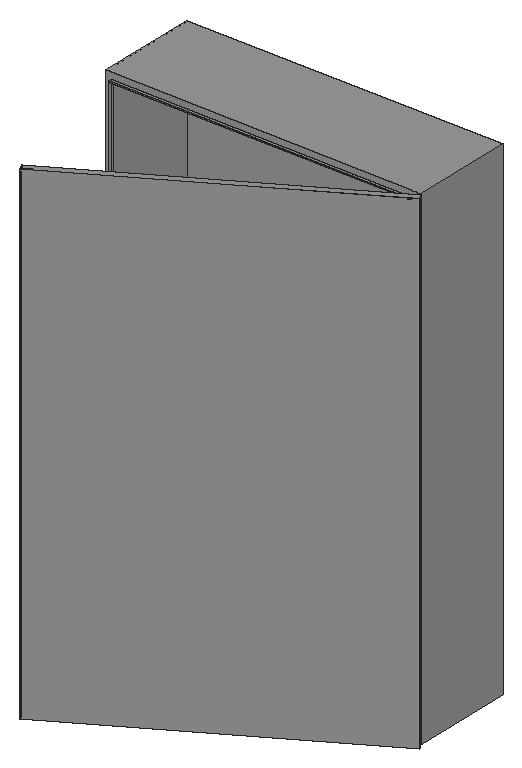
Revit family "Hager-Univers-IP55-D275-H1250-Cl.II-Steel_encl-NoHosted-BE-en", category Equipement électrique, Revit 2020
Family settings
  Configuration du panneau = Deux colonnes, circuits au sein
  Cote de connecteur circulaire = Utiliser le diamètre
  Type d'élément = Tableau de raccordement
  Basée sur le plan de construction = Oui
  Toujours verticalement = Oui
  Couper avec des vides une fois chargée = Non
  Partagée = Non
  Point de calcul de pièce = Non
Parameters (values of type "Surface mounted (plaster) IP55 W800 H1250 D275  - FR83S")
  Width Control [instance] = if([EF000008 - Width] > Min Width, [EF000008 - Width], Min Width)  # 800 mm
  Commentaires du type = [HG000003 - Range]  # "Univers"
  Thickness Door [instance] = if([EF009171 - Material plate thickness door/cover] > 3 mm, 3 mm, [EF009171 - Material plate thickness door/cover])  # 1.5 mm
  Seal Frame Offset [instance] = 17 mm  # constant formula
  Plinth Visibility [instance] = [HG000027 - Plinth height] > 0 mm  # no
  Min Width [instance] = 100 mm  # constant formula
  Min Depth [instance] = (2 * [EF009170 - Material plate thickness cabinet]) + 1 mm  # 4 mm
  Min Height [instance] = 100 mm  # constant formula
  Internal Frame Depth [instance] = (Door System Depth * 0.5)  # 9 mm
  Panel Name [instance] = ""  # (empty or 0)
  Model = ""
  HG000027 - Plinth height = 0 mm
  HG000026 - Floor standing = no
  HG000024 - Bottom section height = 600 mm
  HG000023 - Double section enclosure = no
  HG000016 - Door 3d visibility [instance] = yes
  HG000015 - Clearance visibility [instance] = no
  HG000014 - Door on the right [instance] = yes
  HG000013 - Door on the left [instance] = not([HG000014 - Door on the right])  # no
  HG000012 - Door swing angle [instance] = 30.00°
  HG000010 - Asymmetric doors = no
  HG000009 - Double swing door = no
  HG000006 - Flush mounted = no
  HG000004 - Manufacturer reference = "FR83S"
  HG000003 - Range = "Univers"
  HG000002 - With door or cover = yes
  Frame Offset Bottom [instance] = 10 mm  # constant formula
  Frame Offset [instance] = 15 mm  # constant formula
  EF015940 - Cover with overpressure release = no
  EF011959 - Degree of protection (NEMA) = ""
  EF009554 - Number of openings for flange plates = 6
  EF009212 - Cover model = "EV000116 - Closed"
  EF009171 - Material plate thickness door/cover = 1.5 mm
  EF009170 - Material plate thickness cabinet = 1.5 mm
  EF008873 - Nominal current (In) = 800 A
  EF007800 - Suitable for lightning protection = no
  EF006306 - With lock = no
  EF006244 - Transparent cover/door = no
  EF005474 - Degree of protection (IP) = "EV006420 - IP55"
  EF004464 - Type of door = "EV002646 - Single"
  EF004427 - Number of modules = 288
  EF004293 - Impact strength = "EV008784 - IK10"
  EF003532 - Suitable for outdoor use = no
  EF002950 - Width in number of modular spacings = 24
  EF001613 - Circuit integrity = "EV000494 - None"
  EF001596 - Material housing = "EV000179 - Steel"
  EF001131 - Internal depth = 275 mm
  EF001088 - Extension possible = yes
  EF000437 - Number of conduit inlets = 6
  EF000339 - Type of cover = "EV004216 - Door"
  EF000266 - Number of rows = 8
  EF000218 - Built-in depth = 0 mm
  EF000118 - With mounting plate = no
  EF000116 - RAL-number = "7035"
  EF000049 - Depth = 275 mm
  EF000040 - Height = 1250 mm
  EF000008 - Width = 800 mm
  EF000007 - Colour = "EV000270 - Grey"
  EF000003 - Mounting method = "EV000384 - Surface mounted (plaster)"
  Door System Leaf Tolerance [instance] = 1.5 mm  # constant formula
  Door System Depth [instance] = 18 mm  # constant formula
  Door Height [instance] = Height Control - [HG000027 - Plinth height]  # 1250 mm
  Description = ""
  Default Elevation = 1219.2 mm
  Connector Offset [instance] = Height Control / 2  # 625 mm
  Fabricant = "Hager"  # constant formula
  Height Control [instance] = if([EF000040 - Height] > Min Height, [EF000040 - Height], Min Height)  # 1250 mm
  Depth Control [instance] = if([EF000049 - Depth] > Min Depth, [EF000049 - Depth], Min Depth)  # 275 mm
  Bottom Top Plate Trim [instance] = 1.5 mm  # constant formula
  Plinth height Ctrl [instance] = if([HG000027 - Plinth height] > 0 mm, [HG000027 - Plinth height], 12 mm)  # 12 mm
Types (5, lengths in mm): name | Width Control | HG000010 - Asymmetric doors | HG000009 - Double swing door | HG000004 - Manufacturer reference | EF009554 - Number of openings for flange plates | EF004464 - Type of door | EF004427 - Number of modules | EF000437 - Number of conduit inlets | EF000008 - Width
  Surface mounted (plaster) IP55 W1050 H1250 D275  - FR84S | 1050 | no | yes | "FR84S" | 8 | "EV003602 - Double" | 384 | 8 | 1050
  Surface mounted (plaster) IP55 W1300 H1250 D275  - FR85S | 1300 | yes | yes | "FR85S" | 10 | "EV003602 - Double" | 480 | 10 | 1300
  Surface mounted (plaster) IP55 W300 H1250 D275  - FR81S | 300 | no | no | "FR81S" | 2 | "EV002646 - Single" | 96 | 2 | 300
  Surface mounted (plaster) IP55 W550 H1250 D275  - FR82S | 550 | no | no | "FR82S" | 4 | "EV002646 - Single" | 192 | 4 | 550
  Surface mounted (plaster) IP55 W800 H1250 D275  - FR83S | 800 | no | no | "FR83S" | 6 | "EV002646 - Single" | 288 | 6 | 800
Reference planes
  plane 1 "Center (Front/Back)": y = 0
  plane 2: z = 0
  plane 3 "Center (Left/Right)": x = 0
  plane 4: y = 0
  plane 5: y = 0
  plane 6: z = 0
  plane 7: x = -400
  plane 8: x = 400
  plane 9: x = 398.5
  plane 10: x = -398.5
  plane 11: z = 0
  plane 12: z = 1.5
  plane 13: y = -275
  plane 14: y = -1.5
  plane 15: x = 0
  plane 16: y = -257
  plane 17: y = -273.5
  plane 18: y = -255.5
  plane 19: x = -383.5
  plane 20: x = 383.5
  plane 21: z = 11.5
  plane 22: x = -383
  plane 23: x = 383
  plane 24: z = 0
  plane 25: z = 1250
  plane 26: z = 1250
  plane 27: z = 1233.5
  plane 28: z = 1248.5
Forms (mm)
  Extrusion 1, solid, material "Hager_Steel_RAL7035_Light_Grey", detail levels medium+fine
    sketch origin (-208.679, -4572, 0) x (-1, 0, 0) y (0, -1, 0)
      loop
        line (191.321, -4315) -> (-608.679, -4315) -> (-608.679, -4572) -> (191.321, -4572) -> (191.321, -4315)
    from 0 to 1250
  Extrusion 2, void
    sketch origin (-350.771, -275, 1219.2) x (1, 0, 0) y (0, 0, 1)
      loop
        line (-47.729, 29.3) -> (-47.729, -1217.7) -> (749.271, -1217.7) -> (749.271, 29.3) -> (-47.729, 29.3)
    from -19.5 to -273.5
  Extrusion 3, void
    sketch origin (-290.084, -257, 1219.2) x (1, 0, 0) y (0, 0, 1)
      loop
        line (-93.416, -1207.7) -> (673.584, -1207.7) -> (673.584, 14.3) -> (-93.416, 14.3) -> (-93.416, -1207.7)
    from 0 to -1.5
  Extrusion 4, solid, material "Hager_Steel_RAL7035_Light_Grey", visible <- "Plinth Visibility", detail levels medium+fine
    sketch origin (0, 0, 0) x (1, 0, 0) y (0, 1, 0)
      loop
        line (-400, 0) -> (-400, -257) -> (400, -257) -> (400, 0) -> (-400, 0)
    from 0 to 12 <- "Plinth height Ctrl"
  Extrusion 5, solid, material "Hager_Steel_RAL7035_Light_Grey", detail levels coarse
    sketch origin (0, 0, 0) x (1, 0, 0) y (0, 1, 0)
      loop
        line (-400, 0) -> (-400, -275) -> (400, -275) -> (400, 0) -> (-400, 0)
    from 0 to 1250 <- "Height Control"
  Sweep 6, void
    path in 3D
      loop
        line (-400, -257, 12) -> (400, -257, 12) -> (400, 0, 12) -> (-400, 0, 12) -> (-400, -257, 12)
    profile origin (-400, -128.5, 12) x (1, 0, 0) y (0, 0, 1)
      loop
        line (0, 0) -> (0, -1.5) -> (1.5, -1.5)
        arc (1.5, -1.5) -> (1.061, -0.439) -> (0, 0) r 1.5
  Extrusion 7, solid, material "Hager_Steel_RAL7035_Light_Grey", detail levels fine
    sketch origin (-400, -257, 0) x (1, 0, 0) y (0, 0, 1)
      loop
        line (16.5, 11.5) -> (783.5, 11.5) -> (783.5, 1233.5) -> (16.5, 1233.5) -> (16.5, 11.5)
      loop
        line (15, 10) -> (785, 10) -> (785, 1235) -> (15, 1235) -> (15, 10)
    from 0 to 9 <- "Internal Frame Depth"
Cuts and joins
  Extrusion 2, Extrusion 3 cuts Extrusion 1
  Sweep 6 cuts Extrusion 4
Lines and regions (mm)
  Masking region 1
    outline origin (0, 0, 0) x (1, 0, 0) y (0, 1, 0)
      loop
        line (-400, 0) -> (-400, -275) -> (400, -275) -> (400, 0) -> (-400, 0)
  Masking region 2, detail levels coarse
    outline origin (-290.084, -257, 1219.2) x (-1, 0, 0) y (0, 0, 1)
      loop
        line (-690.084, -1219.2) -> (109.916, -1219.2) -> (109.916, 30.8) -> (-690.084, 30.8) -> (-690.084, -1219.2)
  Masking region 3, detail levels coarse
    outline origin (0, 0, 0) x (0, 1, 0) y (0, 0, 1)
      loop
        line (0, 0) -> (0, 1250) -> (-275, 1250) -> (-275, 0) -> (0, 0)
  Masking region 4, visible <- "Plinth Visibility", detail levels medium+fine
    outline origin (0, 0, 0) x (0, 1, 0) y (0, 0, 1)
      loop
        line (-1.5, 12) -> (-255.5, 12)
        arc (-255.5, 12) -> (-255.939, 10.939) -> (-257, 10.5) r 1.5
        line (-257, 10.5) -> (-257, 0) -> (0, 0) -> (0, 10.5)
        arc (0, 10.5) -> (-1.061, 10.939) -> (-1.5, 12) r 1.5
  Masking region 5, detail levels medium+fine
    outline origin (0, 0, 594.038) x (0, 1, 0) y (0, 0, 1)
      loop
        line (0, -594.038) -> (0, 655.962) -> (-257, 655.962) -> (-257, -594.038) -> (0, -594.038)
  Masking region 6, detail levels medium+fine
    outline origin (-359.7, -257, 1211.883) x (-1, 0, 0) y (0, 0, 1)
      loop
        line (-759.7, -1211.883) -> (40.3, -1211.883) -> (40.3, 38.117) -> (-759.7, 38.117) -> (-759.7, -1211.883)
  Masking region 7, visible <- "Plinth Visibility", detail levels medium+fine
    outline origin (-320.334, -257, 1041.368) x (-1, 0, 0) y (0, 0, 1)
      loop
        line (-720.334, -1041.368) -> (79.666, -1041.368) -> (79.666, -1030.868)
        arc (79.666, -1030.868) -> (78.606, -1030.429) -> (78.166, -1029.368) r 1.5
        line (78.166, -1029.368) -> (-718.834, -1029.368)
        arc (-718.834, -1029.368) -> (-719.273, -1030.429) -> (-720.334, -1030.868) r 1.5
        line (-720.334, -1030.868) -> (-720.334, -1041.368)
  sketch lines
    curve 1: line (-400, 0, 12) -> (-400, -257, 12)
    curve 2: line (-400, -257, 12) -> (400, -257, 12)
    curve 3: line (400, 0, 12) -> (-400, 0, 12)
    curve 4: line (400, -257, 12) -> (400, 0, 12)
Dimensions and locks
  locked: plane 1 "Center (Front/Back)" to plane 5
  "EF009170 - Material plate thickness cabinet": plane 7 to plane 10
  "EF009170 - Material plate thickness cabinet": plane 8 to plane 9
  equal spacing: plane 7, plane 3 "Center (Left/Right)", plane 8
  "Width Control": plane 7 to plane 8
  "Depth Control": plane 4 to plane 13
  "EF009170 - Material plate thickness cabinet": plane 4 to plane 14
  "Height Control": plane 25 to level
  "HG000027 - Plinth height": plane 11 to level
  "EF009170 - Material plate thickness cabinet": plane 12 to plane 11
  "EF009170 - Material plate thickness cabinet": plane 17 to plane 13
  "EF009170 - Material plate thickness cabinet": plane 18 to plane 16
  "Frame Offset Bottom": plane 21 to plane 12
  "Frame Offset": plane 10 to plane 19
  "Frame Offset": plane 9 to plane 20
  "Door System Depth": plane 16 to plane 13
  "Seal Frame Offset": plane 7 to plane 22
  "Seal Frame Offset": plane 8 to plane 23
  "EF009170 - Material plate thickness cabinet": plane 26 to plane 28
  "Frame Offset": plane 28 to plane 27
  "Connector Offset": plane 2 to connector elem
  "Bottom Top Plate Trim": profile plane to Sweep 6 sketch curve
  "Bottom Top Plate Trim": Sweep 6 sketch curve to Sweep 6 sketch curve
  "Plinth height Ctrl": Masking region 4 sketch curve to level
  "Plinth height Ctrl": Masking region 7 sketch curve to level
  "Thickness Door": Extrusion 7 sketch curve to Extrusion 7 sketch curve  (x4)
  "Bottom Top Plate Trim": radius of Sweep 6 sketch curve
  "Bottom Top Plate Trim": radius of Masking region 4 sketch curve  (x2)
  "Bottom Top Plate Trim": radius of Masking region 7 sketch curve  (x2)
  aligned and locked: Extrusion 2 sketch curve to plane 12
  aligned and locked: Extrusion 2 sketch curve to plane 9
  aligned and locked: Extrusion 2 sketch curve to plane 10
  aligned and locked: Extrusion 2 to plane 14
  aligned and locked: Extrusion 1 sketch curve to plane 4
  aligned and locked: plane 8 to Extrusion 1 sketch curve
  aligned and locked: plane 7 to Extrusion 1 sketch curve
  aligned and locked: Extrusion 2 to plane 18
  aligned and locked: Extrusion 3 sketch curve to plane 19
  aligned and locked: plane 20 to Extrusion 3 sketch curve
  aligned and locked: Extrusion 3 to Extrusion 2
  aligned and locked: Extrusion 3 sketch curve to plane 21
  aligned and locked: plane 3 "Center (Left/Right)" to nested 1
  aligned and locked: Extrusion 1 sketch curve to plane 16
  aligned and locked: Extrusion 4 sketch curve to cut or joined group of Extrusion 1, Extrusion 2, Extrusion 3
  aligned and locked: Masking region 1 sketch curve to plane 7
  aligned and locked: Masking region 1 sketch curve to plane 5
  aligned and locked: Masking region 1 sketch curve to plane 8
  aligned and locked: Masking region 2 sketch curve to level
  aligned and locked: level to Masking region 3 sketch curve
  aligned and locked: plane 1 "Center (Front/Back)" to Masking region 3 sketch curve
  aligned and locked: plane 13 to Masking region 3 sketch curve
  aligned and locked: plane 5 to Masking region 4 sketch curve
  aligned and locked: Masking region 2 sketch curve to plane 8
  aligned and locked: Masking region 2 sketch curve to plane 7
  aligned and locked: plane 7 to nested 2
  aligned and locked: nested 2 to plane 5
  aligned and locked: plane 5 to Masking region 5 sketch curve
  aligned and locked: plane 26 to Masking region 5 sketch curve
  aligned and locked: Extrusion 5 sketch curve to plane 8
  aligned and locked: Extrusion 5 sketch curve to plane 7
  aligned and locked: Extrusion 5 sketch curve to plane 5
  aligned and locked: Extrusion 3 sketch curve to plane 27
  aligned and locked: Extrusion 2 sketch curve to plane 28
  aligned and locked: Masking region 2 to plane 25
  aligned and locked: Extrusion 4 to plane 16
  aligned and locked: profile plane to Sweep 6 sketch curve
  aligned and locked: Masking region 5 sketch curve to plane 24
  aligned and locked: level to Masking region 4 sketch curve
  aligned and locked: Masking region 1 to plane 13
  aligned and locked: nested 1 to plane 16
  aligned and locked: Masking region 3 to plane 25
  aligned and locked: plane 16 to Masking region 4 sketch curve
  aligned and locked: Masking region 5 sketch curve to plane 16
  aligned and locked: plane 24 to plane 11
  aligned and locked: plane 26 to plane 25
  aligned and locked: plane 26 to cut or joined group of Extrusion 1, Extrusion 2, Extrusion 3
  aligned and locked: nested 1 to plane 24
  aligned and locked: Extrusion 1 to Extrusion 3
  aligned and locked: Masking region 6 sketch curve to plane 8
  aligned and locked: Masking region 6 sketch curve to plane 24
  aligned and locked: Masking region 6 sketch curve to plane 7
  aligned and locked: Masking region 6 sketch curve to plane 26
  aligned and locked: Masking region 7 sketch curve to plane 7
  aligned and locked: level to Masking region 7 sketch curve
  aligned and locked: Masking region 7 sketch curve to plane 8
  aligned and locked: Extrusion 7 sketch curve to cut or joined group of Extrusion 1, Extrusion 2, Extrusion 3  (x4)
Automatic sketch dimensions
  plane 19 to Extrusion 3 sketch curve = 0 mm
  Extrusion 3 sketch curve to plane 20 = 0 mm
  Extrusion 3 sketch curve to plane 21 = 0 mm
  Extrusion 4 sketch curve to plane 7 = 0 mm
  Extrusion 4 sketch curve to plane 8 = 0 mm
  Extrusion 4 sketch curve to plane 16 = 0 mm
  Masking region 1 sketch curve to plane 13 = 0 mm
  Masking region 2 sketch curve to plane 25 = 0 mm
  Masking region 3 sketch curve to plane 25 = 0 mm
  Extrusion 5 sketch curve to plane 13 = 0 mm
  profile plane to Sweep 6 sketch curve = 0 mm
Nested families
  nested 1: "EC000058_Univers_Door" at (0, -257, 0), Double <- "HG000009 - Double swing door", Transparent <- "EF006244 - Transparent cover/door", Angle <- "HG000012 - Door swing angle", Door_Right <- "HG000014 - Door on the right", Assymetrical <- "HG000010 - Asymmetric doors", Door <- "HG000002 - With door or cover", Width_Ctrl <- "Width Control", 3d_Door <- "HG000016 - Door 3d visibility", Clearance <- "HG000015 - Clearance visibility", Door_Left <- "HG000013 - Door on the left", Width <- "Width Control", Door_Depth <- "Door System Depth", Leaf_Tolerance <- "Door System Leaf Tolerance", Height <- "Door Height", Lock_Visibility <- "EF006306 - With lock", Thickness <- "Thickness Door", type "EC000058_Univers_Door", detail levels medium+fine
    with min_wh 4 mm, Width_Ctrl 800 mm, Width 800 mm, Transparent no, Thickness 1.5 mm, Seal_Material Hager_Rubber, Lock_Visibility no, Lock_Material Hager_Plastic_RAL9005_Jet_Black, Leaf_Width 800 mm, Leaf_Tolerance_External_Sides 0 mm, Leaf_Tolerance 1.5 mm, Leaf_Offset 0 mm, Leaf_Height 1247 mm, Leaf_2_Width 800 mm, Leaf_2_Offset 400 mm, Leaf_1_Width 800 mm, Leaf_1_Offset 400 mm, Height_Ctrl 1250 mm, Height 1250 mm, Glass_Material Hager_Glass, Double_Clearance_Ctrl no, Double no, Door_Right_Ctrl yes, Door_Right yes, Door_Material Hager_Steel_RAL7035_Light_Grey, Door_Left_Ctrl no, Door_Left no, Door_Depth 18 mm, Door yes, Clearance_Material Hager_Clearance, Clearance_Depth 800 mm, Clearance_Ctrl no, Clearance no, Assymetrical no, Angle 30.00°, 3d_Door yes
  nested 2: "Hager_Enclosure_Symbol" at (-400, 0, 0), Height <- "Depth Control", Width <- "Width Control", type "Hager_Enclosure_Symbol"
    with Width_Ctrl 800 mm, Width 800 mm, Height_Ctrl 275 mm, Height 275 mm, A_Width_Int 18.047 mm, A_Width 216.562 mm, A_Height_Ctrl 240.625 mm, A_Height 240.625 mm
Connectors
  electrical at (0, 0, 625)
    settings: on plane 1 "Center (Front/Back)", index 1, voltage 0 V, apparent load 0 VA, apparent load phase1 0 VA, apparent load phase2 0 VA, apparent load phase3 0 VA, power factor 1, load classification "Other", number of poles 1, system type 30, power factor state 1, is connector primary yes, connector utility no, sub classification motor no, connector description ""
Definition of nested family "EC000058_Univers_Door"
  Parameters (values of type "EC000058_Univers_Door")
    min_wh [instance] = (2 * Thickness) + 1 mm  # 11 mm
    Width_Ctrl [instance] = 400 mm
    Width [instance] = 500 mm
    Transparent [instance] = yes
    Thickness [instance] = 5 mm
    Seal_Material [instance] = none
    Lock_Visibility [instance] = yes
    Lock_Material [instance] = none
    Leaf_Width [instance] = if((Width_Ctrl - 2 * Leaf_Tolerance_External_Sides) > 0 mm, (Width_Ctrl - 2 * Leaf_Tolerance_External_Sides), min_wh)  # 400 mm
    Leaf_Tolerance_External_Sides [instance] = 0 mm  # constant formula
    Leaf_Tolerance [instance] = 1.5 mm
    Leaf_Offset [instance] = 0 mm  # constant formula
    Leaf_Height [instance] = if((Height_Ctrl - 2 * Leaf_Tolerance) > 0 mm, (Height_Ctrl - 2 * Leaf_Tolerance), min_wh)  # 497 mm
    Leaf_2_Width [instance] = if(and(and(Double, Assymetrical), Door_Left), (Leaf_Width / 3) - (Leaf_Tolerance / 2), if(and(and(Double, Assymetrical), Door_Right), (Leaf_Width / 3) * 2 - (Leaf_Tolerance / 2), if(and(Double, not(Assymetrical)), (Leaf_Width / 2) - Leaf_Tolerance, Leaf_Width)))  # 400 mm
    Leaf_2_Offset [instance] = if(and(Double, Assymetrical), Leaf_2_Width / 2, if(and(Double, not(Assymetrical)), Leaf_Width / 4, Leaf_Width / 2))  # 200 mm
    Leaf_1_Width [instance] = if(and(and(Double, Assymetrical), Door_Right), (Leaf_Width / 3) - (Leaf_Tolerance / 2), if(and(and(Double, Assymetrical), Door_Left), (Width / 3) * 2 - (Leaf_Tolerance / 2), if(and(Double, not(Assymetrical)), (Leaf_Width / 2) - Leaf_Tolerance, Leaf_Width)))  # 400 mm
    Leaf_1_Offset [instance] = if(and(Double, Assymetrical), Leaf_1_Width / 2, if(and(Double, not(Assymetrical)), Leaf_Width / 4, Leaf_Width / 2))  # 200 mm
    Height_Ctrl [instance] = if(Height > min_wh, Height, min_wh)  # 500 mm
    Height [instance] = 500 mm
    Glass_Material [instance] = none
    Double_Clearance_Ctrl [instance] = and(Double, Clearance)  # no
    Double [instance] = no
    Door_Right_Ctrl [instance] = and(or(Door_Right, Double), Door)  # yes
    Door_Right [instance] = yes
    Door_Material [instance] = none
    Door_Left_Ctrl [instance] = and(or(Door_Left, Double), Door)  # no
    Door_Left [instance] = no
    Door_Depth [instance] = 30 mm
    Door [instance] = yes
    Default Elevation = 1219.2 mm
    Clearance_Material [instance] = none
    Clearance_Depth [instance] = if(Leaf_1_Width > Leaf_2_Width, Leaf_1_Width, Leaf_2_Width)  # 400 mm
    Clearance_Ctrl [instance] = and(not(Double), Clearance)  # yes
    Clearance [instance] = yes
    Assymetrical [instance] = yes
    Angle [instance] = 30.00°
    3d_Door [instance] = yes
  Reference planes
    plane 1 "Center (Front/Back)": y = 0
    plane 2 "Bottom": z = 0
    plane 3 "Center (Left/Right)": x = 0
    plane 4: z = 500
    plane 5: x = -200
    plane 6: x = 200
    plane 7: z = 500
    plane 8: x = -200
    plane 9: z = 0
    plane 10: x = 200
    plane 11: y = 0
    plane 12: z = 1.5
    plane 13: x = -600
    plane 14: y = -400
    plane 15: x = 600
    plane 16: x = 0
    plane 17: x = 0
    plane 18: x = -200
    plane 19: x = 200
    plane 20: z = 498.5
  Forms (mm)
    Extrusion 1, solid, material <- "Clearance_Material", visible <- "Double_Clearance_Ctrl"
      sketch origin (1200, 0, 0) x (1, 0, 0) y (0, 0, -1)
        loop
          line (-1800, -498.5) -> (-600, -498.5) -> (-600, 0) -> (-1800, 0) -> (-1800, -498.5)
      from 0 to -400
  Dimensions and locks
    equal spacing: plane 5, plane 3 "Center (Left/Right)", plane 6
    "Width_Ctrl": plane 5 to plane 6
    "Leaf_Offset": plane 5 to plane 8
    "Leaf_Offset": plane 6 to plane 10
    "Leaf_Offset": plane 9 to level
    "Leaf_Offset": plane 4 to plane 7
    "Height_Ctrl": plane 4 to level
    "Leaf_Tolerance": plane 12 to plane 9
    locked: plane 11 to plane 1 "Center (Front/Back)"
    "Leaf_1_Offset": plane 18 to plane 16
    "Leaf_2_Offset": plane 17 to plane 19
    "Leaf_1_Width": plane 13 to plane 8
    "Leaf_2_Width": plane 10 to plane 15
    "Clearance_Depth": plane 14 to plane 1 "Center (Front/Back)"
    "Leaf_Tolerance_External_Sides": plane 8 to plane 18
    "Leaf_Tolerance_External_Sides": plane 19 to plane 10
    "Leaf_Tolerance": plane 7 to plane 20
    aligned and locked: level to plane 2 "Bottom"
    aligned and locked: nested 1 to plane 16
    aligned and locked: nested 2 to plane 17
    aligned and locked: Extrusion 1 to plane 13
    aligned and locked: plane 15 to Extrusion 1
    aligned and locked: Extrusion 1 to plane 14
    aligned and locked: plane 12 to nested 1
    aligned and locked: nested 2 to plane 12
    aligned and locked: Extrusion 1 to plane 11
    aligned and locked: plane 20 to Extrusion 1
    aligned and locked: nested 2 to plane 11
    aligned and locked: nested 1 to plane 11
  Automatic sketch dimensions
    Extrusion 1 sketch curve to level = 0 mm
    plane 5 to Extrusion 1 sketch curve = 400 mm
    plane 6 to Extrusion 1 sketch curve = 400 mm
    Extrusion 1 sketch curve to plane 4 = 1.5 mm
  Nested families
    nested 1: "EC000058_Univers_Door_Leaf" at (0, 0, 1.5), Width <- "Leaf_1_Width", visible <- "Door_Left_Ctrl", Leaf_Height <- "Leaf_Height", Angle <- "Angle", 3d_Door <- "3d_Door", Transparent <- "Transparent", Clearance Material <- "Clearance_Material", Clearance <- "Clearance_Ctrl", Door_Material <- "Door_Material", Glass_Material <- "Glass_Material", Door_Depth <- "Door_Depth", Lock_Material <- "Lock_Material", Seal_Material <- "Seal_Material", Lock_Visibility <- "Lock_Visibility", Thickness <- "Thickness", type "EC000058_Univers_Door_Leaf"
      with Width 400 mm, Transparent_Glass_Offset 30 mm, Transparent_Ctrl yes, Transparent yes, Thickness 5 mm, Standard no, Seal_Material none, Seal_D2 8 mm, Seal_D1 1 mm, Offset_Internal_Frame 10 mm, Lock_Width 20 mm, Lock_Visibility_3d yes, Lock_Visibility yes, Lock_Thickness_3 3 mm, Lock_Thickness_2 1 mm, Lock_Thickness_1 3 mm, Lock_Radius_Offset_2 16 mm, Lock_Radius_Offset_1 15 mm, Lock_Radius_2 5 mm, Lock_Radius 6 mm, Lock_Offset 5 mm, Lock_Material none, Lock_Height 80 mm, Lock_Cover_Top_Offset_2d 17 mm, Lock_Cover_Height -65 mm, Leaf_Height 497 mm, Internal_Seal_Thickness 8 mm, Internal_Seal_Depth_2 4.5 mm, Internal_Frame_Depth 25 mm, Glass_Thickness -1 mm, Glass_Offset -2 mm, Glass_Material none, Door_Material none, Door_Depth 30 mm, Clearance Material none, Clearance yes, Angle_Ctrl 30.00°, Angle 30.00°, 3d_Door yes
    nested 2: "EC000058_Univers_Door_Leaf" at (0, 0, 1.5) x (-1, 0, 0) z (0, 0, 1), Width <- "Leaf_2_Width", visible <- "Door_Right_Ctrl", Leaf_Height <- "Leaf_Height", Angle <- "Angle", 3d_Door <- "3d_Door", Transparent <- "Transparent", Clearance Material <- "Clearance_Material", Clearance <- "Clearance_Ctrl", Door_Material <- "Door_Material", Glass_Material <- "Glass_Material", Door_Depth <- "Door_Depth", Lock_Material <- "Lock_Material", Seal_Material <- "Seal_Material", Lock_Visibility <- "Lock_Visibility", Thickness <- "Thickness", type "EC000058_Univers_Door_Leaf"
      with Width 400 mm, Transparent_Glass_Offset 30 mm, Transparent_Ctrl yes, Transparent yes, Thickness 5 mm, Standard no, Seal_Material none, Seal_D2 8 mm, Seal_D1 1 mm, Offset_Internal_Frame 10 mm, Lock_Width 20 mm, Lock_Visibility_3d yes, Lock_Visibility yes, Lock_Thickness_3 3 mm, Lock_Thickness_2 1 mm, Lock_Thickness_1 3 mm, Lock_Radius_Offset_2 16 mm, Lock_Radius_Offset_1 15 mm, Lock_Radius_2 5 mm, Lock_Radius 6 mm, Lock_Offset 5 mm, Lock_Material none, Lock_Height 80 mm, Lock_Cover_Top_Offset_2d 17 mm, Lock_Cover_Height -65 mm, Leaf_Height 497 mm, Internal_Seal_Thickness 8 mm, Internal_Seal_Depth_2 4.5 mm, Internal_Frame_Depth 25 mm, Glass_Thickness -1 mm, Glass_Offset -2 mm, Glass_Material none, Door_Material none, Door_Depth 30 mm, Clearance Material none, Clearance yes, Angle_Ctrl 30.00°, Angle 30.00°, 3d_Door yes
  Definition of nested family "EC000058_Univers_Door_Leaf"
    Parameters (values of type "EC000058_Univers_Door_Leaf")
      Width [instance] = 2000 mm
      Transparent_Glass_Offset [instance] = 30 mm
      Transparent_Ctrl [instance] = and(Transparent, [3d_Door])  # yes
      Transparent [instance] = yes
      Thickness [instance] = 5 mm
      Standard [instance] = and(not(Transparent), [3d_Door])  # no
      Seal_Material [instance] = none
      Seal_D2 [instance] = 8 mm  # constant formula
      Seal_D1 [instance] = 1 mm  # constant formula
      Offset_Internal_Frame [instance] = 10 mm  # constant formula
      Lock_Width [instance] = 20 mm  # constant formula
      Lock_Visibility_3d [instance] = and(Lock_Visibility, [3d_Door])  # yes
      Lock_Visibility [instance] = yes
      Lock_Thickness_3 [instance] = 3 mm  # constant formula
      Lock_Thickness_2 [instance] = 1 mm  # constant formula
      Lock_Thickness_1 [instance] = 3 mm  # constant formula
      Lock_Radius_Offset_2 [instance] = Lock_Radius_Offset_1 + 1 mm  # 16 mm
      Lock_Radius_Offset_1 [instance] = 15 mm  # constant formula
      Lock_Radius_2 [instance] = Lock_Radius - 1 mm  # 5 mm
      Lock_Radius [instance] = 6 mm  # constant formula
      Lock_Offset [instance] = 5 mm  # constant formula
      Lock_Material [instance] = none
      Lock_Height [instance] = 80 mm  # constant formula
      Lock_Cover_Top_Offset_2d [instance] = Lock_Radius_Offset_2 + 1 mm  # 17 mm
      Lock_Cover_Height [instance] = -(Lock_Height - Lock_Radius_Offset_1)  # -65 mm
      Leaf_Height [instance] = 2720.336 mm
      Internal_Seal_Thickness [instance] = 8 mm  # constant formula
      Internal_Seal_Depth_2 [instance] = 4.5 mm  # constant formula
      Internal_Frame_Depth [instance] = if(Door_Depth - Thickness > 5 mm, Door_Depth - Thickness, 5 mm)  # 25 mm
      Glass_Thickness [instance] = if(Thickness > 15 mm, Glass_Offset + 10 mm, -1 mm)  # -1 mm
      Glass_Offset [instance] = if(Thickness > 15 mm, -(Thickness + 10 mm) / 2, -2 mm)  # -2 mm
      Glass_Material [instance] = none
      Door_Material [instance] = none
      Door_Depth [instance] = 30 mm
      Default Elevation = 0 mm
      Clearance Material [instance] = none
      Clearance [instance] = yes
      Angle_Ctrl [instance] = if(Angle > 180.00°, 180.00°, Angle)  # 90.00°
      Angle [instance] = 90.00°
      3d_Door [instance] = yes
    Reference planes
      plane 1 "Center (Front/Back)": y = 0
      plane 2: z = 0
      plane 3 "Center (Left/Right)": x = 0
      plane 4: y = 2000
      plane 5: x = -1000
      plane 6: x = 1000
      plane 7: x = -3000
      plane 8: z = 2720.336
      plane 9: z = 30
      plane 10: z = 2690.336
      plane 11: x = 970
      plane 12: x = -970
      plane 13: y = -3
      plane 14: z = 107.833
      plane 15: y = -5
      plane 16: y = -223.314
      plane 17: x = -1000
      plane 18: z = 1360.168
      plane 19: y = 30
    Forms (mm)
      Extrusion 1, solid, material <- "Clearance Material", visible <- "Clearance"
        sketch origin (0, 0, 0) x (1, 0, 0) y (0, 0, 1)
          loop
            line (-3000, 2720.336) -> (-3000, 0) -> (1000, 0) -> (1000, 2720.336) -> (-3000, 2720.336)
        from 0 to -2000
      Extrusion 2, solid, material <- "Door_Material", visible <- "Standard", detail levels medium+fine
        sketch origin (-1000, 0, 0) x (0, 1, 0) y (-1, 0, 0)
          loop
            line (0, 30) -> (0, 25) -> (2000, 25) -> (2000, 30) -> (0, 30)
        from 0 to 2720.336 <- "Leaf_Height"
      Extrusion 3, solid, material <- "Door_Material", visible <- "Transparent_Ctrl", detail levels medium+fine
        sketch origin (-1000, 0, 0) x (0, 1, 0) y (-1, 0, 0)
          loop
            line (0, 25) -> (2000, 25) -> (2000, 30) -> (0, 30) -> (0, 25)
        from 0 to 2720.336 <- "Leaf_Height"
      Extrusion 4, void
        sketch origin (-1025, 2000, 0) x (0, 1, 0) y (0, 0, -1)
          loop
            line (-30, -2690.336) -> (-30, -30) -> (-1970, -30) -> (-1970, -2690.336) -> (-30, -2690.336)
        from 0 to 5 <- "Thickness"
      Sweep 5, solid, material <- "Seal_Material", visible <- "Transparent_Ctrl", detail levels fine
        path in 3D
          loop
            line (-1025, 30, 30) -> (-1025, 30, 2690.336) -> (-1025, 1970, 2690.336) -> (-1025, 1970, 30) -> (-1025, 30, 30)
        profile origin (-1025, 1000, 30) x (1, 0, 0) y (0, 0, 1)
          loop
            line (0, 0) -> (0, -8) -> (1, -8) -> (1, 0) -> (0, 0)
      Extrusion 6, solid, material <- "Glass_Material", visible <- "Transparent_Ctrl", detail levels medium+fine
        sketch origin (-1030, 0, 0) x (0, 1, 0) y (0, 0, -1)
          loop
            line (1970, -2690.336) -> (1970, -30) -> (30, -30) -> (30, -2690.336) -> (1970, -2690.336)
        from -2 <- "Glass_Offset" to -1 <- "Glass_Thickness"
      Extrusion 7, solid, material <- "Door_Material", visible <- "3d_Door", detail levels medium+fine
        sketch origin (-1025, 2000, 0) x (0, -1, 0) y (0, 0, -1)
          loop
            line (0, -2720.336) -> (2000, -2720.336) -> (2000, 0) -> (0, 0) -> (0, -2720.336)
          loop
            line (1995, -5) -> (5, -5) -> (5, -2715.336) -> (1995, -2715.336) -> (1995, -5)
        from 0 to 25 <- "Internal_Frame_Depth"
      Sweep 8, solid, material <- "Seal_Material", visible <- "Transparent_Ctrl", detail levels fine
        path in 3D
          loop
            line (-1025, 0, 0) -> (-1025, 2000, 0) -> (-1025, 2000, 2720.336) -> (-1025, 0, 2720.336) -> (-1025, 0, 0)
        profile origin (-1025, 0, 1360.168) x (1, 0, 0) y (0, 1, 0)
          loop
            line (0, 10) -> (2.975, 10)
            arc (2.975, 10) -> (4.053, 10.447) -> (4.5, 11.525) r 1.525
            line (4.5, 11.525) -> (4.5, 16.527)
            arc (4.5, 16.527) -> (4.069, 17.569) -> (3.027, 18) r 1.473
            line (3.027, 18) -> (0, 18) -> (0, 10)
      Extrusion 9, solid, material <- "Lock_Material", visible <- "Lock_Visibility_3d", detail levels fine
        sketch origin (-1030, 0, 0) x (0, 1, 0) y (0, 0, -1)
          loop
            arc (1993.5, -1400.168) -> (1994.561, -1399.729) -> (1995, -1398.668) r 1.5
            line (1995, -1398.668) -> (1995, -1320.168) -> (1975, -1320.168) -> (1975, -1398.668)
            arc (1975, -1398.668) -> (1975.439, -1399.729) -> (1976.5, -1400.168) r 1.5
            line (1976.5, -1400.168) -> (1993.5, -1400.168)
        from 3 <- "Lock_Thickness_1" to 0
      Blend 10, solid, material <- "Lock_Material", visible <- "Lock_Visibility_3d", detail levels fine
        base sketch origin (-1033, 0, 0) x (0, 1, 0) y (0, 0, -1)
          loop
            line (1975, -1320.168) -> (1975, -1398.668)
            arc (1975, -1398.668) -> (1975.439, -1399.729) -> (1976.5, -1400.168) r 1.5
            line (1976.5, -1400.168) -> (1993.5, -1400.168)
            arc (1993.5, -1400.168) -> (1994.561, -1399.729) -> (1995, -1398.668) r 1.5
            line (1995, -1398.668) -> (1995, -1320.168) -> (1975, -1320.168)
        top sketch origin (-1033, 0, 0) x (0, 1, 0) y (0, 0, -1)
          loop
            line (1976, -1320.168) -> (1976, -1398.668)
            arc (1976, -1398.668) -> (1976.146, -1399.022) -> (1976.5, -1399.168) r 0.5
            line (1976.5, -1399.168) -> (1993.5, -1399.168)
            arc (1993.5, -1399.168) -> (1993.854, -1399.022) -> (1994, -1398.668) r 0.5
            line (1994, -1398.668) -> (1994, -1320.168) -> (1976, -1320.168)
        from 0 to 1 <- "Lock_Thickness_2"
      Blend 11, solid, material <- "Lock_Material", visible <- "Lock_Visibility_3d", detail levels fine
        base sketch origin (-1034, 0, 0) x (0, 1, 0) y (0, 0, -1)
          loop
            line (1978, -1320.168) -> (1978, -1384.168)
            arc (1978, -1384.168) -> (1985, -1391.168) -> (1992, -1384.168) r 7
            line (1992, -1384.168) -> (1992, -1320.168) -> (1978, -1320.168)
        top sketch origin (-1034, 0, 0) x (0, 1, 0) y (0, 0, -1)
          loop
            line (1991, -1320.168) -> (1979, -1320.168) -> (1979, -1383.168)
            arc (1979, -1383.168) -> (1985, -1389.168) -> (1991, -1383.168) r 6
            line (1991, -1383.168) -> (1991, -1320.168)
        from 0 to 3 <- "Lock_Thickness_3"
      Extrusion 12, solid, material <- "Lock_Material", visible <- "Lock_Visibility_3d", detail levels fine
        sketch origin (-1030, 1975, 1320.168) x (1, 0, 0) y (0, -1, 0)
          loop
            line (-7, -19) -> (-7, -1) -> (0, -1) -> (0, 0) -> (-8, 0) -> (-8, -20) -> (0, -20) -> (0, -19) -> (-7, -19)
        from 0 to -65 <- "Lock_Cover_Height"
      Extrusion 13, void
        sketch origin (-1038, 1995, 1320.168) x (-1, 0, 0) y (0, 0, -1)
          loop
            line (-5, -65) -> (0, -65) -> (-5, -60) -> (-5, -65)
        from 0 to 20 <- "Lock_Width"
      Extrusion 14, void
        sketch origin (-1038, 1975, 1320.168) x (0, -1, 0) y (0, 0, -1)
          loop
            circle (-10, -15.995) r 6
          loop
            circle (-10, -15.995) r 5
        from 0 to 2
      Extrusion 15, solid, material <- "Lock_Material", visible <- "Lock_Visibility_3d", detail levels medium
        sketch origin (-1030, 0, 0) x (0, 1, 0) y (0, 0, -1)
          loop
            arc (1993.5, -1400.168) -> (1994.561, -1399.729) -> (1995, -1398.668) r 1.5
            line (1995, -1398.668) -> (1995, -1320.168) -> (1975, -1320.168) -> (1975, -1398.668)
            arc (1975, -1398.668) -> (1975.439, -1399.729) -> (1976.5, -1400.168) r 1.5
            line (1976.5, -1400.168) -> (1993.5, -1400.168)
        from 8 to 0
    Cuts and joins
      Extrusion 4 cuts Extrusion 3
      Extrusion 13, Extrusion 14 cuts Extrusion 9
      Extrusion 14 cuts Blend 11
      Extrusion 13, Extrusion 14 cuts Extrusion 12
      joined: Extrusion 9, Blend 10, Blend 11, Extrusion 12
      Extrusion 14 cuts Extrusion 15
    Lines and regions (mm)
      Masking region 1, visible <- "Lock_Visibility", detail levels fine
        outline origin (0, 0, 0) x (0, 1, 0) y (0, 0, 1)
          loop
            line (30, 1320.168) -> (33, 1320.168) -> (33, 1400.168) -> (30, 1400.168) -> (30, 1320.168)
      Masking region 2, visible <- "Lock_Visibility", detail levels fine
        outline origin (0, 3.143, 0) x (0, 1, 0) y (0, 0, 1)
          loop
            line (29.857, 1354.168) -> (30.857, 1354.168) -> (30.857, 1366.168) -> (29.857, 1366.168) -> (29.857, 1354.168)
      Masking region 3, detail levels medium+fine
        outline origin (0, 0, 0) x (0, 1, 0) y (0, 0, 1)
          loop
            line (0, 0) -> (30, 0) -> (30, 2720.336) -> (0, 2720.336) -> (0, 0)
      Masking region 4, detail levels medium+fine
        outline origin (0, 0, 0) x (1, 0, 0) y (0, 0, 1)
          loop
            line (-1000, 2720.336) -> (-1000, 0) -> (1000, 0) -> (1000, 2720.336) -> (-1000, 2720.336)
      Masking region 5, visible <- "Lock_Visibility", detail levels fine
        outline origin (-47.116, 0, 0) x (1, 0, 0) y (0, 0, 1)
          loop
            arc (1024.616, 1399.168) -> (1023.556, 1398.729) -> (1023.116, 1397.668) r 1.5
            line (1023.116, 1397.668) -> (1023.116, 1320.168) -> (1041.116, 1320.168) -> (1041.116, 1397.668)
            arc (1041.116, 1397.668) -> (1040.677, 1398.729) -> (1039.616, 1399.168) r 1.5
            line (1039.616, 1399.168) -> (1024.616, 1399.168)
      Masking region 6, visible <- "Lock_Visibility", detail levels medium+fine
        outline origin (-25, 0, 0) x (1, 0, 0) y (0, 0, 1)
          loop
            arc (1001.5, 1400.168) -> (1000.439, 1399.729) -> (1000, 1398.668) r 1.5
            line (1000, 1398.668) -> (1000, 1320.168) -> (1020, 1320.168) -> (1020, 1398.668)
            arc (1020, 1398.668) -> (1019.561, 1399.729) -> (1018.5, 1400.168) r 1.5
            line (1018.5, 1400.168) -> (1001.5, 1400.168)
      Masking region 7, visible <- "Lock_Visibility", detail levels fine
        outline origin (-73.735, 0, 0) x (1, 0, 0) y (0, 0, 1)
          loop
            line (1051.735, 1382.168) -> (1065.735, 1382.168) -> (1065.735, 1384.168)
            arc (1065.735, 1384.168) -> (1058.735, 1391.168) -> (1051.735, 1384.168) r 7
            line (1051.735, 1384.168) -> (1051.735, 1382.168)
      Masking region 8, visible <- "Lock_Visibility", detail levels fine
        outline origin (-73.735, 0, 0) x (1, 0, 0) y (0, 0, 1)
          loop
            line (1052.735, 1382.168) -> (1064.735, 1382.168) -> (1064.735, 1383.168)
            arc (1064.735, 1383.168) -> (1058.735, 1389.168) -> (1052.735, 1383.168) r 6
            line (1052.735, 1383.168) -> (1052.735, 1382.168)
      Masking region 9, visible <- "Lock_Visibility", detail levels fine
        outline origin (-25, 0, 0) x (1, 0, 0) y (0, 0, 1)
          loop
            line (1020, 1320.168) -> (1020, 1382.168) -> (1000, 1382.168) -> (1000, 1320.168) -> (1020, 1320.168)
      Masking region 10, detail levels medium+fine
        outline origin (0, 0, 0) x (1, 0, 0) y (0, 0, 1)
          loop
            circle (985, 1335.144) r 6
      Masking region 11, detail levels fine
        outline origin (0, 0, 0) x (1, 0, 0) y (0, 0, 1)
          loop
            circle (985, 1335.144) r 5
      Masking region 12, visible <- "Lock_Visibility", detail levels fine
        outline origin (0, 12.767, 0) x (0, 1, 0) y (0, 0, 1)
          loop
            line (20.233, 1320.168) -> (21.233, 1320.168) -> (21.233, 1399.168) -> (20.233, 1400.168) -> (20.233, 1320.168)
      Masking region 13, visible <- "Lock_Visibility", detail levels fine
        outline origin (0, 13.767, -10) x (0, 1, 0) y (0, 0, 1)
          loop
            line (20.233, 1330.168) -> (23.233, 1330.168) -> (23.233, 1399.168) -> (20.233, 1402.168) -> (20.233, 1330.168)
      Masking region 14, visible <- "Lock_Visibility", detail levels fine
        outline origin (0, 12.767, -10) x (0, 1, 0) y (0, 0, 1)
          loop
            line (20.233, 1330.168) -> (25.233, 1330.168) -> (25.233, 1399.305) -> (20.233, 1394.305) -> (20.233, 1330.168)
      Masking region 15, visible <- "Lock_Visibility", detail levels medium
        outline origin (0, 0, 0) x (0, 1, 0) y (0, 0, 1)
          loop
            line (30, 1320.168) -> (38, 1320.168) -> (38, 1400.168) -> (30, 1400.168) -> (30, 1320.168)
      Masking region 16, visible <- "Lock_Visibility", detail levels fine
        outline origin (-1000, 0, 0) x (0, 1, 0) y (-1, 0, 0)
          loop
            line (1975, 30) -> (1995, 30) -> (1995, 38) -> (1975, 38) -> (1975, 30)
          loop
            line (1979, 37) -> (1976, 37) -> (1976, 34) -> (1978, 34) -> (1979, 37)
          loop
            line (1994, 37) -> (1991, 37) -> (1992, 34) -> (1994, 34) -> (1994, 37)
      Masking region 17, visible <- "Lock_Visibility", detail levels medium
        outline origin (-1000, 0, 0) x (0, 1, 0) y (-1, 0, 0)
          loop
            line (1975, 30) -> (1995, 30) -> (1995, 38) -> (1975, 38) -> (1975, 30)
      symbolic lines
        curve 1: line (1000, 0, 0) -> (-3000, 0, 0)
        curve 2: arc (1000, 0, 0) -> (-1000, 2000, 0) -> (-3000, 0, 0) r 2000
        curve 4: line (-1030, 0, 0) -> (-1030, 2000, 0)
      reference lines
        curve 3: line (-1000, 0, 0) -> (-1000, 2000, 0)
      symbolic lines, detail levels medium+fine
        curve 5: line (-1030, 2000, 0) -> (-1025, 2000, 0)
        curve 7: line (-1025, 0, 0) -> (-1030, 0, 0)
        curve 8: line (-1025, 0, 0) -> (-1000, 0, 0)
        curve 9: line (-1000, 0, 0) -> (-1000, 2000, 0)
        curve 10: line (-1000, 2000, 0) -> (-1025, 2000, 0)
      symbolic lines, detail levels fine
        curve 6: line (-1025, 2000, 0) -> (-1025, 0, 0)
      sketch lines
        curve 11: line (-1025, 0, 2720.336) -> (-1025, 0, 0)
        curve 12: line (-1025, 2000, 0) -> (-1025, 0, 0)
        curve 13: line (-1025, 2000, 2720.336) -> (-1025, 2000, 0)
        curve 14: line (-1025, 0, 2720.336) -> (-1025, 2000, 2720.336)
        curve 15: line (-1025, 1970, 30) -> (-1025, 30, 30)
        curve 16: line (-1025, 30, 30) -> (-1025, 30, 2690.336)
        curve 17: line (-1025, 1970, 2690.336) -> (-1025, 1970, 30)
        curve 18: line (-1025, 30, 2690.336) -> (-1025, 1970, 2690.336)
      symbolic lines, visible <- "Transparent", detail levels medium+fine
        curve 19: line (-970, 0, 2690.336) -> (970, 0, 2690.336)
        curve 20: line (-970, 0, 30) -> (-970, 0, 2690.336)
        curve 21: line (970, 0, 30) -> (-970, 0, 30)
        curve 22: line (970, 0, 2690.336) -> (970, 0, 30)
    Dimensions and locks
      "Width": plane 1 "Center (Front/Back)" to plane 4
      equal spacing: plane 5, plane 3 "Center (Left/Right)", plane 6
      "Width": plane 5 to plane 6
      "Width": plane 7 to plane 5
      "Leaf_Height": plane 8 to level
      "Width": curve 5 to curve 3
      "Width": curve 3 to curve 3
      plane 8 to plane 10 = 30 mm
      plane 9 to level = 30 mm
      plane 12 to plane 5 = 30 mm
      plane 6 to plane 11 = 30 mm
      Extrusion 1 to Extrusion 4 sketch curve = 30 mm
      "Transparent_Glass_Offset": curve 3 to Extrusion 4 sketch curve
      "Transparent_Glass_Offset": Extrusion 4 sketch curve to cut or joined group of Extrusion 3, Extrusion 4  (x2)
      cut or joined group of Extrusion 3, Extrusion 4 to Extrusion 6 sketch curve = 30 mm
      "Transparent_Glass_Offset": cut or joined group of Extrusion 3, Extrusion 4 to Extrusion 4 sketch curve
      "Thickness": curve 6 to curve 4
      "Thickness": Extrusion 7 sketch curve to Extrusion 7 sketch curve  (x4)
      "Door_Depth": curve 4 to curve 3
      "Offset_Internal_Frame": profile plane to Sweep 8 sketch curve
      "Internal_Seal_Thickness": Sweep 8 sketch curve to Sweep 8 sketch curve
      "Internal_Seal_Depth_2": profile plane to Sweep 8 sketch curve
      "Seal_D1": profile plane to Sweep 5 sketch curve
      "Seal_D2": profile plane to Sweep 5 sketch curve
      "Thickness": Extrusion 2 sketch curve to Extrusion 2 sketch curve
      equal spacing: Extrusion 9 sketch curve, plane 18, Extrusion 9 sketch curve  (x2)
      equal spacing: Masking region 1 sketch curve, plane 18, Masking region 1 sketch curve
      "Lock_Height": Masking region 1 sketch curve to Masking region 1 sketch curve
      "Lock_Radius": Masking region 2 sketch curve to plane 18 to Masking region 2 sketch curve
      Masking region 2 sketch curve to Masking region 1 = 1 mm
      "Door_Depth": plane 19 to plane 1 "Center (Front/Back)"
      "Lock_Thickness_1": Masking region 1 sketch curve to plane 19
      "Lock_Width": Extrusion 9 sketch curve to Extrusion 9 sketch curve
      "Lock_Height": Extrusion 9 sketch curve to Extrusion 9 sketch curve
      "Lock_Offset": cut or joined group of Extrusion 3, Extrusion 4 to Extrusion 9 sketch curve
      equal spacing: plane 8, plane 18, level
      "Lock_Radius_Offset_1": Blend 11 sketch curve to Blend 10
      locked: Blend 10 to Blend 11 sketch curve at 2  (x2)
      locked: var sketch to Blend 11 sketch curve at 1  (x2)
      "Lock_Radius_Offset_2": Blend 11 sketch curve to Blend 10
      locked: Extrusion 12 sketch curve to Extrusion 12 sketch curve at 1  (x3)
      Masking region 6 sketch curve to Masking region 6 sketch curve = 80 mm
      "Lock_Height": Masking region 6 sketch curve to Masking region 6 sketch curve
      "Lock_Width": Masking region 6 sketch curve to Masking region 6 sketch curve
      locked: Masking region 6 to Masking region 5 sketch curve at 1  (x3)
      locked: Masking region 5 to Masking region 7 sketch curve at 2  (x2)
      "Lock_Radius_Offset_1": Masking region 5 to Masking region 7 sketch curve
      "Lock_Radius_Offset_2": Masking region 5 to Masking region 8 sketch curve
      locked: Masking region 7 to Masking region 8 sketch curve at 1  (x2)
      "Lock_Cover_Top_Offset_2d": Masking region 5 to Masking region 9 sketch curve
      equal spacing: Masking region 9, Masking region 10 sketch curve, Masking region 9
      equal spacing: Masking region 9, Masking region 11 sketch curve, Masking region 9
      Extrusion 15 sketch curve to Extrusion 15 sketch curve = 80 mm
      "Lock_Width": Extrusion 15 sketch curve to Extrusion 15 sketch curve
      "Lock_Height": Extrusion 15 sketch curve to Extrusion 15 sketch curve
      equal spacing: Extrusion 15 sketch curve, plane 18, Extrusion 15 sketch curve
      "Lock_Thickness_3": Masking region 13 sketch curve to Masking region 13 sketch curve
      "Lock_Height": Masking region 12 sketch curve to Masking region 12 sketch curve
      locked: Masking region 13 sketch curve to Masking region 1 at 8
      locked: Masking region 14 sketch curve to Masking region 13 at 1
      locked: Masking region 14 sketch curve to Masking region 1 at 10.863
      "Lock_Height": Masking region 15 sketch curve to Masking region 15 sketch curve
      "Lock_Offset": Extrusion 15 sketch curve to cut or joined group of Extrusion 3, Extrusion 4
      "Lock_Offset": plane 6 to Masking region 6 sketch curve
      radius of Sweep 8 sketch curve = 1.525 mm
      radius of Sweep 8 sketch curve = 1.473 mm
      radius of Extrusion 9 sketch curve = 1.5 mm  (x2)
      "Lock_Radius": radius of Extrusion 14 sketch curve
      "Lock_Radius_2": radius of Extrusion 14 sketch curve
      "Lock_Radius": radius of Masking region 10 sketch curve
      "Lock_Radius_2": radius of Masking region 11 sketch curve
      radius of Extrusion 15 sketch curve = 1.5 mm  (x2)
      "Angle_Ctrl": angle plane 1 "Center (Front/Back)" to curve 3
      locked: Masking region 12 sketch curve to Masking region 12 sketch curve (angle 45.00°)
      locked: Masking region 13 sketch curve to Masking region 13 sketch curve (angle 45.00°)
      locked: Masking region 14 sketch curve to Masking region 14 sketch curve (angle 45.00°)
      aligned and locked: level to plane 2
      aligned and locked: Extrusion 1 to curve 1
      aligned and locked: plane 6 to Extrusion 1
      aligned and locked: Extrusion 1 to plane 1 "Center (Front/Back)"
      aligned and locked: plane 4 to Extrusion 1
      aligned and locked: plane 8 to Extrusion 1
      aligned and locked: curve 7 to Extrusion 2 sketch curve
      aligned and locked: curve 5 to Extrusion 2 sketch curve
      aligned and locked: curve 7 to Extrusion 3 sketch curve
      aligned and locked: Extrusion 3 sketch curve to curve 4
      aligned and locked: Extrusion 3 sketch curve to curve 6
      aligned and locked: Extrusion 3 sketch curve to curve 5
      aligned and locked: curve 9 to curve 3
      aligned and locked: Extrusion 7 sketch curve to cut or joined group of Extrusion 3, Extrusion 4  (x4)
      aligned and locked: plane 17 to curve 3
      aligned and locked: plane 1 "Center (Front/Back)" to curve 3
      aligned and locked: plane 17 to plane 5
      aligned and locked: Sweep 8 sketch curve to profile plane
      aligned and locked: Sweep 5 sketch curve to profile plane  (x2)
      aligned and locked: Masking region 1 to Masking region 2 sketch curve
      aligned and locked: plane 19 to Masking region 1 sketch curve
      aligned and locked: plane 1 "Center (Front/Back)" to Masking region 3 sketch curve
      aligned and locked: plane 19 to Masking region 3 sketch curve
      aligned and locked: level to Masking region 3 sketch curve
      aligned and locked: Masking region 3 sketch curve to plane 8
      aligned and locked: plane 17 to Masking region 4 sketch curve
      aligned and locked: level to Masking region 4 sketch curve
      aligned and locked: Masking region 4 sketch curve to plane 8
      aligned and locked: plane 12 to curve 20
      aligned and locked: plane 10 to curve 19
      aligned and locked: plane 11 to curve 22
      aligned and locked: curve 21 to plane 9
      aligned and locked: Extrusion 2 sketch curve to cut or joined group of Extrusion 3, Extrusion 4
      aligned and locked: Blend 10 sketch curve to Extrusion 9  (x4)
      aligned and locked: Extrusion 9 to Blend 10 sketch curve
      aligned and locked: Blend 10 to Blend 11 sketch curve
      aligned and locked: Extrusion 12 sketch curve to Blend 11
      aligned and locked: Extrusion 12 sketch curve to Extrusion 9  (x4)
      aligned and locked: Masking region 5 sketch curve to Masking region 6
      aligned and locked: Masking region 9 sketch curve to Masking region 6  (x3)
      aligned and locked: Masking region 12 sketch curve to Masking region 1
      aligned and locked: Masking region 13 sketch curve to Masking region 1
      aligned and locked: Masking region 12 to Masking region 14
      aligned and locked: Masking region 14 sketch curve to Masking region 1
      aligned and locked: Masking region 15 sketch curve to Masking region 14
      aligned and locked: Masking region 13 sketch curve to Masking region 12
      aligned and locked: Masking region 16 sketch curve to cut or joined group of Extrusion 14, Extrusion 15  (x4)
      aligned and locked: Masking region 16 sketch curve to cut or joined group of Extrusion 9, Blend 10, Blend 11, Extrusion 12, Extrusion 13, Extrusion 14  (x6)
      aligned and locked: cut or joined group of Extrusion 9, Blend 10, Blend 11, Extrusion 12, Extrusion 13, Extrusion 14 to Masking region 16 sketch curve
      aligned and locked: Masking region 17 sketch curve to cut or joined group of Extrusion 14, Extrusion 15  (x3)
      aligned and locked: Masking region 17 sketch curve to cut or joined group of Extrusion 9, Blend 10, Blend 11, Extrusion 12, Extrusion 13, Extrusion 14
      aligned and locked: Masking region 9 to Masking region 8 sketch curve
      aligned and locked: Masking region 9 to Masking region 7 sketch curve
    Automatic sketch dimensions
      plane 1 "Center (Front/Back)" to curve 2 = 0 mm
      curve 2 to plane 5 = 0 mm
      Extrusion 1 sketch curve to level = 0 mm
      Extrusion 1 sketch curve to plane 7 = 0 mm
      Extrusion 1 sketch curve to plane 6 = 0 mm
      Extrusion 1 sketch curve to plane 8 = 0 mm
      Extrusion 3 to Extrusion 6 sketch curve = 30 mm  (x4)
      Masking region 4 sketch curve to plane 6 = 0 mm
      Blend 10 sketch curve to Extrusion 9 = 1.5 mm
      Blend 10 sketch curve to Extrusion 9 = 1 mm
      Extrusion 13 sketch curve to Extrusion 12 = 0 mm  (x2)
      Extrusion 12 to Extrusion 13 sketch curve = 3 mm
      Extrusion 13 sketch curve to Extrusion 12 = 5 mm
      Extrusion 14 sketch curve to Extrusion 14 sketch curve = 0 mm  (x2)
      Extrusion 14 sketch curve to Extrusion 12 = 10 mm
      Extrusion 14 sketch curve to Extrusion 12 = 15.995 mm
      Masking region 5 sketch curve to Masking region 5 sketch curve = 1.5 mm  (x2)
      Masking region 10 sketch curve to plane 18 = 25.024 mm
      Masking region 11 sketch curve to plane 18 = 25.024 mm
      plane 19 to Masking region 14 sketch curve = 3 mm
      Masking region 16 sketch curve to Masking region 16 sketch curve = 3 mm
      curve 4 to curve 3 = 0 mm
      Blend 10 to Blend 11 sketch curve = 0 mm
      Masking region 6 sketch curve to Masking region 6 sketch curve = 1.5 mm  (x2)
      Masking region 6 sketch curve to plane 18 = 40 mm
      plane 19 to Masking region 12 sketch curve = 3 mm
      Masking region 12 sketch curve to Masking region 12 sketch curve = 1 mm
      Masking region 15 sketch curve to plane 19 = 0 mm
      Masking region 15 sketch curve to plane 18 = 40 mm
      radius of Blend 10 sketch curve to Extrusion 9 = 1 mm
Definition of nested family "Hager_Enclosure_Symbol"
  Parameters (values of type "Hager_Enclosure_Symbol")
    Width_Ctrl [instance] = if(Width > 1 mm, Width, 1 mm)  # 102.27 mm
    Width [instance] = 102.27 mm
    Height_Ctrl [instance] = if(Height > 1 mm, Height, 1 mm)  # 66.5 mm
    A_Width_Int [instance] = if(A_Width / 12 > 2 mm, A_Width / 12, 2 mm)  # 4.364 mm
    A_Width [instance] = if(A_Height_Ctrl * 0.9 > 2 mm, A_Height_Ctrl * 0.9, 2 mm)  # 52.369 mm
    A_Height_Ctrl [instance] = if(A_Height > 2 mm, A_Height, 2 mm)  # 58.188 mm
    Height [instance] = 66.5 mm
    A_Height [instance] = Height - (Height / 8)  # 58.188 mm
  Reference planes
    plane 1 "Centre (avant/arrière)": y = 0
    plane 2: z = 0
    plane 3 "Centre (gauche/droite)": x = 0
    plane 4: x = 52.369
    plane 5: y = 33.042
    plane 6: y = 41.77
    plane 7: y = 66.5
    plane 8: x = 26.184
    plane 9: y = 37.406
    plane 10: x = 102.27
    plane 11: y = 66.5
    plane 12: y = 8.313
  Lines and regions (mm)
    Filled region 1, type "Solid_Black", in view "Niveau de réf."
      outline origin (0, 0, 0) x (1, 0, 0) y (0, 1, 0)
        loop
          line (52.369, 66.5) -> (33.188, 54.536) -> (45.365, 45.006) -> (52.369, 66.5)
    Filled region 2, type "Solid_Black", in view "Niveau de réf."
      outline origin (0, 0, 0) x (1, 0, 0) y (0, 1, 0)
        loop
          line (0, 0) -> (102.27, 0) -> (102.27, 66.5) -> (0, 0)
    detail lines, in view "Niveau de réf."
      curve 1: line (0, 8.313, 0) -> (26.184, 41.77, 0)
      curve 2: line (26.184, 41.77, 0) -> (26.184, 33.042, 0)
      curve 3: line (26.184, 33.042, 0) -> (52.369, 66.5, 0)
  Dimensions and locks
    "A_Width": plane 3 "Centre (gauche/droite)" to plane 4
    equal spacing: plane 3 "Centre (gauche/droite)", plane 8, plane 4
    equal spacing: plane 6, plane 9, plane 5
    equal spacing: curve 3, Filled region 1 sketch curve, Filled region 1 sketch curve
    "Height_Ctrl": plane 1 "Centre (avant/arrière)" to plane 11
    "A_Height_Ctrl": plane 11 to plane 12
    equal spacing: plane 11, plane 9, plane 12
    "A_Width_Int": plane 6 to plane 9
    "Width_Ctrl": plane 3 "Centre (gauche/droite)" to plane 10
    angle Filled region 1 sketch curve to curve 3 = 20.00°
    angle curve 3 to Filled region 1 sketch curve = 20.00°
    locked: curve 3 to Filled region 1 sketch curve (angle 90.00°)
    aligned and locked: plane 10 to Filled region 2
    aligned and locked: plane 11 to Filled region 2 sketch curve
    aligned and locked: plane 10 to Filled region 2 sketch curve
    aligned and locked: plane 3 "Centre (gauche/droite)" to curve 1
    aligned and locked: plane 12 to curve 1
    aligned and locked: plane 7 to plane 11
  Automatic sketch dimensions
    Filled region 1 sketch curve to plane 4 = 0 mm
    Filled region 1 sketch curve to plane 7 = 0 mm
    plane 1 "Centre (avant/arrière)" to Filled region 2 sketch curve = 0 mm
    Filled region 2 sketch curve to plane 3 "Centre (gauche/droite)" = 0 mm
    curve 2 to plane 6 = 0 mm
    curve 2 to plane 8 = 0 mm
    curve 3 to plane 4 = 0 mm
    curve 2 to plane 5 = 0 mm
    curve 3 to plane 7 = 0 mm
